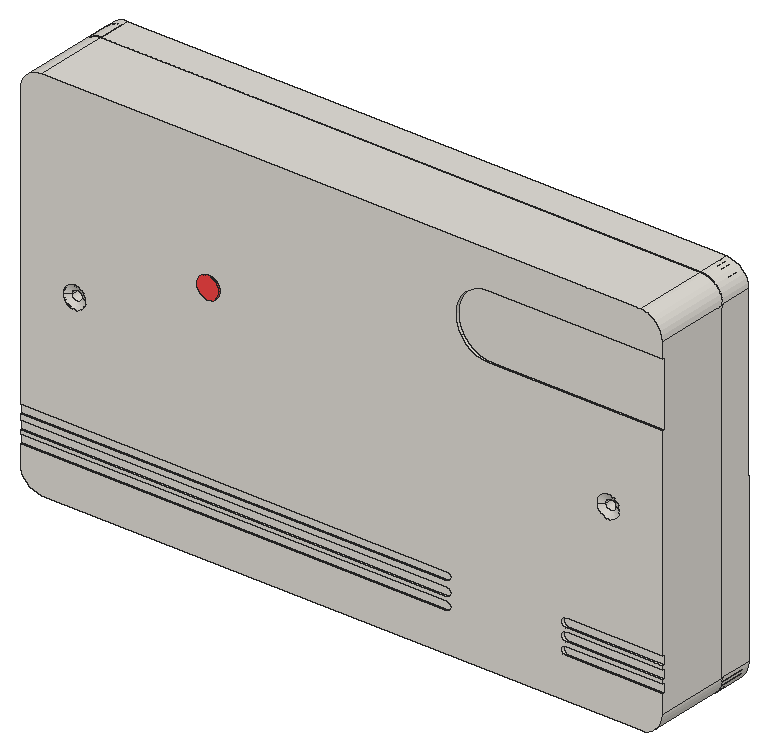
Revit family "TYCO-FPP-Zettler-CIM800 contact input monitor module", category Electrical Fixtures, Revit 2014
Parameters (values of type "TYCO-FPP-Zettler-CIM800 contact input monitor module")
  Wire Size (maximum) = "2.5sq. mm"
  Width = 84 mm  # constant formula
  URL = "https://www.tycosafetyproducts-anz.com/public/Datasheet/CIM800dat1505.pdf"
  Type Comments = "MX Addressable Module"
  Storage Temperature = "–40°C to +80°C"
  Relative Humidity = "10% to 95%"
  Rear Cover = yes
  Quiescent Current = "275μA"
  PCB = PCB
  Model = "Zettler-555.800.002"
  Max. CIM800 per Loop2 = "200/250"
  Manufacturer = "Tyco"
  Loop Voltage = "20V to 40Vdc"
  Length = 61 mm  # constant formula
  Front Cover = yes
  EOL Resistor = "200 Ohm"
  Description = "The CIM800 Addressable Contact Input Module supervises two\r\ncircuits of voltage-free contacts such as outputs from extinguishing\r\nsystems, ventilation controls, fire door controls, sprinkler flow\r\nswitches, non indicating detectors, etc."
  Circuit Resistance = "10 Ohm"
  Ambient Temperature = "–25°C to +70°C\r\n–25°C to +70°C"
  Alarm State Current = "2.8mA"
  Alarm Resistance (s/c fault) = "100 Ohm"
Reference planes
  plane 1 "Center (Front/Back)": y = 0
  plane 2: z = 0
  plane 3 "Center (Left/Right)": x = 0
  plane 4: z = -30.5
  plane 5: z = 30.5
  plane 6: x = -42
  plane 7: x = 42
Forms (mm)
  Extrusion 1, solid, material "PCB" <- "PCB", detail levels fine
    sketch origin (0, 0, 0) x (1, 0, 0) y (0, 0, 1)
      loop
        line (-42, 30.5) -> (-42, -30.5) -> (42, -30.5) -> (42, 30.5) -> (-42, 30.5)
      loop
        circle (25.103, 14.32) r 3
      loop
        circle (26.184, -16.946) r 3
      loop
        circle (-27.276, 13.906) r 3
      loop
        circle (-26.184, -16.946) r 3
      loop
        circle (39.018, 27.625) r 1.135
      loop
        circle (39.018, -27.625) r 1.135
      loop
        circle (-39.018, 27.625) r 1.135
      loop
        circle (-39.018, -27.625) r 1.135
    from 0 to -0.518
  Extrusion 2, solid, material "SWT", detail levels fine
    sketch origin (-42, -4572, 71.14) x (0, 0, 1) y (0, -1, 0)
      loop
        line (-41.105, -4572) -> (-41.105, -4568.641) -> (-43.199, -4565.651) -> (-48.199, -4565.651) -> (-51.734, -4569.187) -> (-51.734, -4572) -> (-41.105, -4572)
    from 9.78 to 30.742
  Extrusion 3, solid, material "ST"
    sketch origin (-42, -2.813, 19.406) x (0, -0.707107, 0.707107) y (-1, 0, 0)
      loop
        line (4.36, -10.388) -> (0.904, -10.388) -> (0.904, -14.436) -> (4.36, -14.436) -> (4.36, -10.388)
      loop
        line (4.36, -15.388) -> (0.904, -15.388) -> (0.904, -19.436) -> (4.36, -19.436) -> (4.36, -15.388)
      loop
        line (4.36, -20.388) -> (0.904, -20.388) -> (0.904, -24.436) -> (4.36, -24.436) -> (4.36, -20.388)
      loop
        line (4.36, -25.388) -> (0.904, -25.388) -> (0.904, -29.436) -> (4.36, -29.436) -> (4.36, -25.388)
    from -1.989 to 1.281
  Extrusion 4, solid, material "ST"
    sketch origin (-42, -6.349, 27.942) x (0, 0.819152, 0.573576) y (-1, 0, 0)
      loop
        circle (1.836, -27.318) r 1.507
      loop
        circle (1.836, -22.318) r 1.507
      loop
        circle (1.836, -17.576) r 1.507
      loop
        circle (1.836, -12.576) r 1.507
    from -0.83 to 0.562
  Extrusion 5, solid, material "SWT", detail levels fine
    sketch origin (42, -4572, 71.14) x (0, 0, 1) y (0, 1, 0)
      loop
        line (-41.105, 4572) -> (-51.734, 4572) -> (-51.734, 4569.187) -> (-48.199, 4565.651) -> (-43.199, 4565.651) -> (-41.105, 4568.641) -> (-41.105, 4572)
    from 9.78 to 30.742
  Extrusion 6, solid, material "ST"
    sketch origin (42, -2.813, 19.406) x (0, -0.707107, 0.707107) y (-1, 0, 0)
      loop
        line (4.36, 10.388) -> (4.36, 14.436) -> (0.904, 14.436) -> (0.904, 10.388) -> (4.36, 10.388)
      loop
        line (4.36, 15.388) -> (4.36, 19.436) -> (0.904, 19.436) -> (0.904, 15.388) -> (4.36, 15.388)
      loop
        line (4.36, 20.388) -> (4.36, 24.436) -> (0.904, 24.436) -> (0.904, 20.388) -> (4.36, 20.388)
      loop
        line (4.36, 25.388) -> (4.36, 29.436) -> (0.904, 29.436) -> (0.904, 25.388) -> (4.36, 25.388)
    from -1.989 to 1.281
  Extrusion 7, solid, material "ST"
    sketch origin (42, -6.349, 27.942) x (0, 0.819152, 0.573576) y (-1, 0, 0)
      loop
        circle (1.836, 27.318) r 1.507
      loop
        circle (1.836, 22.318) r 1.507
      loop
        circle (1.836, 17.576) r 1.507
      loop
        circle (1.836, 12.576) r 1.507
    from -0.83 to 0.562
  Extrusion 8, solid, material "CON", detail levels fine
    sketch origin (0, 0, 0) x (1, 0, 0) y (0, 0, 1)
      loop
        circle (-2.554, -22.996) r 2.25
    from 0 to 4.715
Lines and regions (mm)
  model lines
    curve 1: line (-12.077, 0, 17.768) -> (-10.618, 0, 16.308)
    curve 2: line (-10.618, 0, 16.308) -> (13.577, 0, 16.308)
    curve 3: line (13.577, 0, 16.308) -> (17.318, 0, 14.148)
    curve 4: line (-11.512, 0, 18.334) -> (-10.287, 0, 17.108)
    curve 5: line (-10.287, 0, 17.108) -> (13.791, 0, 17.108)
    curve 6: line (13.791, 0, 17.108) -> (17.716, 0, 14.842)
    curve 7: circle (-12.284, 0, 18.368) r 0.899 normal (0, -1, 0)
    curve 8: circle (18.341, 0, 14.023) r 1.031 normal (0, -1, 0)
    curve 9: line (-18.507, 0, 12.301) -> (-3.798, 0, 12.301)
    curve 10: line (-18.569, 0, 13.101) -> (-3.855, 0, 13.101)
    curve 11: arc (-18.569, 0, 13.101) -> (-20.305, 0, 12.562) -> (-18.507, 0, 12.301) r 0.932
    curve 12: circle (-3.003, 0, 12.759) r 0.917 normal (0, -1, 0)
    curve 13: line (-30.887, 0, 9.958) -> (-37.401, 0, 9.958)
    curve 14: line (-37.401, 0, 9.958) -> (-39.548, 0, 7.811)
    curve 15: line (-39.548, 0, 7.811) -> (-39.548, 0, -19.407)
    curve 16: line (-38.748, 0, 7.48) -> (-38.748, 0, -19.407)
    curve 17: line (-37.07, 0, 9.158) -> (-38.748, 0, 7.48)
    curve 18: line (-30.963, 0, 9.158) -> (-37.07, 0, 9.158)
    curve 19: circle (-29.96, 0, 9.616) r 1.103 normal (0, -1, 0)
    curve 20: circle (-39.246, 0, -20.183) r 1.05 normal (0, -1, 0)
    curve 21: line (-22.909, 0, 4.903) -> (-22.909, 0, -2.64)
    curve 22: line (-22.909, 0, -2.64) -> (-20.029, 0, -5.52)
    curve 23: line (-20.029, 0, -5.52) -> (-13.923, 0, -5.52)
    curve 24: line (-13.923, 0, -5.52) -> (-13.923, 0, -22.089)
    curve 25: line (-22.109, 0, 4.869) -> (-22.109, 0, -2.309)
    curve 26: line (-22.109, 0, -2.309) -> (-19.698, 0, -4.72)
    curve 27: line (-19.698, 0, -4.72) -> (-13.123, 0, -4.72)
    curve 28: line (-13.123, 0, -4.72) -> (-13.123, 0, -22.107)
    curve 29: circle (-22.47, 0, 5.793) r 0.993 normal (0, -1, 0)
    curve 30: circle (-13.545, 0, -23.107) r 1.086 normal (0, -1, 0)
    curve 31: line (-18.334, 0, 2.673) -> (-15.661, 0, 0)
    curve 32: line (-15.661, 0, 0) -> (-7.298, 0, 0)
    curve 33: line (-7.298, 0, 0) -> (-3.763, 0, -3.536)
    curve 34: line (-3.763, 0, -3.536) -> (27.445, 0, -3.536)
    curve 35: line (-17.726, 0, 3.196) -> (-15.33, 0, 0.8)
    curve 36: line (-15.33, 0, 0.8) -> (-6.967, 0, 0.8)
    curve 37: line (-6.967, 0, 0.8) -> (-3.431, 0, -2.736)
    curve 38: line (-3.431, 0, -2.736) -> (27.394, 0, -2.736)
    curve 39: circle (-18.679, 0, 3.69) r 1.074 normal (0, -1, 0)
    curve 40: circle (28.353, 0, -3.077) r 1.018 normal (0, -1, 0)
    curve 41: line (12.616, 0, 2.966) -> (27.553, 0, 2.966)
    curve 42: line (27.553, 0, 2.966) -> (33.741, 0, 9.153)
    curve 43: line (12.553, 0, 3.766) -> (27.222, 0, 3.766)
    curve 44: line (27.222, 0, 3.766) -> (33.158, 0, 9.701)
    curve 45: circle (11.841, 0, 3.308) r 0.847 normal (0, -1, 0)
    curve 46: circle (34.058, 0, 10.075) r 0.975 normal (0, -1, 0)
    curve 47: line (5.637, 0, 12.301) -> (12.22, 0, 8.5)
    curve 48: line (12.22, 0, 8.5) -> (27.101, 0, 8.5)
    curve 49: line (6.037, 0, 12.994) -> (12.434, 0, 9.3)
    curve 50: line (12.434, 0, 9.3) -> (27.156, 0, 9.3)
    curve 51: circle (5.352, 0, 13.101) r 0.938 normal (0, -1, 0)
    curve 52: circle (28.224, 0, 8.953) r 1.123 normal (0, -1, 0)
  model lines, detail levels coarse+medium
    curve 53: line (-42, 0.518, 30.5) -> (42, 0.518, 30.5)
    curve 54: line (-42, 0.518, -30.5) -> (-42, 0.518, 30.5)
    curve 55: line (42, 0.518, -30.5) -> (-42, 0.518, -30.5)
    curve 56: line (42, 0.518, 30.5) -> (42, 0.518, -30.5)
Dimensions and locks
  equal spacing: plane 5, plane 2, plane 4
  "Length": plane 5 to plane 4
  equal spacing: plane 7, plane 3 "Center (Left/Right)", plane 6
  "Width": plane 7 to plane 6
  aligned and locked: level to plane 2
  aligned and locked: plane 5 to Extrusion 1 sketch curve
  aligned and locked: plane 6 to Extrusion 1 sketch curve
  aligned and locked: plane 4 to Extrusion 1 sketch curve
  aligned and locked: plane 7 to Extrusion 1 sketch curve
  aligned and locked: plane 5 to curve 53
  aligned and locked: plane 4 to curve 55
  aligned and locked: plane 7 to curve 56
  aligned and locked: plane 6 to curve 54
  aligned and locked: Extrusion 8 to Extrusion 1
  aligned and locked: plane 1 "Center (Front/Back)" to nested 1
  aligned and locked: plane 3 "Center (Left/Right)" to nested 1
  aligned and locked: plane 2 to nested 1
  aligned and locked: plane 3 "Center (Left/Right)" to nested 2
  aligned and locked: plane 2 to nested 2
  aligned and locked: nested 2 to Extrusion 1
Automatic sketch dimensions
  plane 6 to Extrusion 1 sketch curve = 2.982 mm  (x2)
  plane 6 to Extrusion 1 sketch curve = 14.724 mm
  plane 6 to Extrusion 1 sketch curve = 15.816 mm
  plane 7 to Extrusion 1 sketch curve = 16.897 mm
  plane 7 to Extrusion 1 sketch curve = 15.816 mm
  plane 7 to Extrusion 1 sketch curve = 2.982 mm  (x2)
  plane 4 to Extrusion 1 sketch curve = 2.875 mm  (x2)
  plane 4 to Extrusion 1 sketch curve = 13.554 mm  (x2)
  level to Extrusion 1 sketch curve = 13.906 mm
  level to Extrusion 1 sketch curve = 14.32 mm
  plane 5 to Extrusion 1 sketch curve = 2.875 mm  (x2)
  Extrusion 2 sketch curve to plane 1 "Center (Front/Back)" = 0 mm
  plane 5 to Extrusion 2 sketch curve = 11.094 mm
  Extrusion 2 sketch curve to Extrusion 2 sketch curve = 3.536 mm
  plane 5 to Extrusion 2 sketch curve = 2.558 mm
  plane 5 to Extrusion 2 sketch curve = 0.465 mm
  Extrusion 2 sketch curve to Extrusion 2 sketch curve = 2.813 mm
  plane 1 "Center (Front/Back)" to Extrusion 2 sketch curve = 3.359 mm
  Extrusion 2 sketch curve to Extrusion 2 sketch curve = 2.99 mm
  Extrusion 3 sketch curve to Extrusion 2 = 0.904 mm  (x4)
  Extrusion 2 to Extrusion 3 sketch curve = 0.64 mm  (x4)
  Extrusion 2 to Extrusion 3 sketch curve = 1.306 mm
  Extrusion 3 sketch curve to Extrusion 3 sketch curve = 4.048 mm  (x3)
  Extrusion 3 sketch curve to Extrusion 3 sketch curve = 0.952 mm  (x3)
  Extrusion 2 to Extrusion 3 sketch curve = 0.608 mm
  Extrusion 2 to Extrusion 4 sketch curve = 1.814 mm  (x4)
  Extrusion 2 to Extrusion 4 sketch curve = 3.424 mm
  Extrusion 4 sketch curve to Extrusion 4 sketch curve = 5 mm
  Extrusion 4 sketch curve to Extrusion 4 sketch curve = 4.742 mm
  Extrusion 2 to Extrusion 4 sketch curve = 2.795 mm
  Extrusion 5 sketch curve to plane 1 "Center (Front/Back)" = 0 mm
  plane 5 to Extrusion 5 sketch curve = 11.094 mm
  Extrusion 5 sketch curve to Extrusion 5 sketch curve = 3.536 mm  (x2)
  plane 5 to Extrusion 5 sketch curve = 2.558 mm
  plane 5 to Extrusion 5 sketch curve = 0.465 mm
  Extrusion 5 sketch curve to Extrusion 5 sketch curve = 2.813 mm
  plane 1 "Center (Front/Back)" to Extrusion 5 sketch curve = 3.359 mm
  Extrusion 6 sketch curve to Extrusion 5 = 0.904 mm  (x4)
  Extrusion 5 to Extrusion 6 sketch curve = 0.64 mm  (x4)
  Extrusion 5 to Extrusion 6 sketch curve = 0.608 mm
  Extrusion 6 sketch curve to Extrusion 6 sketch curve = 4.048 mm  (x3)
  Extrusion 6 sketch curve to Extrusion 6 sketch curve = 0.952 mm  (x3)
  Extrusion 5 to Extrusion 6 sketch curve = 1.306 mm
  Extrusion 5 to Extrusion 7 sketch curve = 1.814 mm  (x4)
  Extrusion 5 to Extrusion 7 sketch curve = 2.795 mm
  Extrusion 7 sketch curve to Extrusion 7 sketch curve = 5 mm
  Extrusion 7 sketch curve to Extrusion 7 sketch curve = 4.742 mm
  Extrusion 5 to Extrusion 7 sketch curve = 3.424 mm
  curve 14 to Extrusion 1 = 2.452 mm
  curve 15 to curve 20 = 0.302 mm
  curve 14 to curve 16 = 0.8 mm
  curve 16 to curve 14 = 1.346 mm
  curve 13 to curve 17 = 0.331 mm
  curve 17 to curve 19 = 7.11 mm
  curve 19 to curve 21 = 7.051 mm
  curve 21 to curve 29 = 0.439 mm
  curve 21 to curve 26 = 0.8 mm
  curve 25 to curve 23 = 2.08 mm
  curve 22 to curve 26 = 0.331 mm
  curve 29 to curve 11 = 3.094 mm
  curve 25 to curve 39 = 3.43 mm
  curve 11 to curve 10 = 0.807 mm
  curve 11 to curve 9 = 0.063 mm
  curve 39 to curve 31 = 3.018 mm
  curve 31 to curve 35 = 0.331 mm
  curve 31 to curve 24 = 1.739 mm
  curve 24 to curve 30 = 0.378 mm
  curve 23 to curve 28 = 0.8 mm
  curve 10 to curve 7 = 6.286 mm
  curve 1 to Extrusion 1 = 14.192 mm
  curve 7 to curve 1 = 1.666 mm
  curve 4 to Extrusion 1 = 13.392 mm
  curve 1 to curve 4 = 0.331 mm
  curve 27 to curve 33 = 5.824 mm
  curve 32 to curve 37 = 0.331 mm
  curve 32 to curve 34 = 3.536 mm
  curve 33 to curve 37 = 0.331 mm
  curve 1 to curve 12 = 7.615 mm
  curve 12 to curve 51 = 8.355 mm
  curve 51 to curve 45 = 6.49 mm
  curve 45 to curve 48 = 0.379 mm
  curve 47 to curve 49 = 0.214 mm
  curve 49 to curve 2 = 1.143 mm
  curve 2 to curve 5 = 0.214 mm
  curve 2 to curve 8 = 4.764 mm
  curve 8 to curve 43 = 8.881 mm
  curve 43 to curve 41 = 0.331 mm
  curve 43 to curve 52 = 1.002 mm
  curve 41 to curve 40 = 0.8 mm
  curve 52 to curve 46 = 5.834 mm
  curve 8 to curve 2 = 2.286 mm
  curve 10 to curve 1 = 3.208 mm
  curve 51 to curve 2 = 3.208 mm
  curve 12 to curve 10 = 0.341 mm
  curve 11 to curve 11 = 0.466 mm
  curve 46 to curve 8 = 3.948 mm
  curve 14 to curve 11 = 2.677 mm
  curve 19 to curve 13 = 0.342 mm
  curve 50 to curve 2 = 7.008 mm
  curve 18 to curve 13 = 0.8 mm
  curve 52 to curve 50 = 0.347 mm
  curve 48 to curve 49 = 0.8 mm
  curve 15 to curve 17 = 1.346 mm
  curve 16 to curve 14 = 0.331 mm
  curve 29 to curve 11 = 6.842 mm
  curve 43 to curve 48 = 4.734 mm
  curve 39 to curve 29 = 2.103 mm
  curve 45 to curve 43 = 0.458 mm
  curve 41 to curve 43 = 0.8 mm
  curve 36 to curve 9 = 11.501 mm
  curve 32 to curve 36 = 0.8 mm
  curve 25 to curve 31 = 2.309 mm
  curve 21 to curve 25 = 0.331 mm
  curve 38 to curve 32 = 2.736 mm
  curve 40 to curve 38 = 0.341 mm
  curve 33 to curve 37 = 0.8 mm
  curve 26 to curve 25 = 2.412 mm
  curve 23 to curve 27 = 0.8 mm
  curve 20 to Extrusion 1 = 10.317 mm
  curve 30 to Extrusion 1 = 7.393 mm
  curve 4 to curve 7 = 1.259 mm
  curve 18 to curve 19 = 1.003 mm
  curve 18 to curve 13 = 0.076 mm
  curve 39 to curve 31 = 0.345 mm
  curve 31 to curve 35 = 0.608 mm
  curve 1 to Extrusion 1 = 12.732 mm
  curve 7 to curve 1 = 0.207 mm
  curve 4 to Extrusion 1 = 12.166 mm
  curve 7 to curve 4 = 0.772 mm
  curve 10 to curve 12 = 0.851 mm
  curve 51 to curve 47 = 0.285 mm
  curve 49 to Extrusion 1 = 17.506 mm
  curve 51 to curve 49 = 0.685 mm
  curve 45 to curve 43 = 0.712 mm
  curve 3 to curve 8 = 1.023 mm
  curve 6 to Extrusion 1 = 15.658 mm
  curve 3 to curve 6 = 0.398 mm
  curve 48 to curve 50 = 0.055 mm
  curve 38 to curve 40 = 0.959 mm
  curve 44 to curve 46 = 0.9 mm
  curve 44 to curve 42 = 0.583 mm
  curve 47 to curve 49 = 0.693 mm
  curve 44 to curve 46 = 0.374 mm
  curve 21 to curve 29 = 0.89 mm
  curve 35 to curve 39 = 0.494 mm
  curve 20 to curve 15 = 0.775 mm
  curve 16 to curve 15 = 0 mm
  curve 30 to curve 24 = 1.018 mm
  Extrusion 8 sketch curve to Extrusion 1 = 7.504 mm
  Extrusion 8 sketch curve to Extrusion 1 = 39.446 mm
  radius of Extrusion 1 sketch curve = 3 mm  (x4)
  radius of Extrusion 1 sketch curve = 1.135 mm  (x4)
  radius of Extrusion 4 sketch curve = 1.507 mm  (x4)
  radius of Extrusion 7 sketch curve = 1.507 mm  (x4)
  radius of curve 7 = 0.899 mm
  radius of curve 20 = 1.05 mm
  radius of curve 51 = 0.938 mm
  radius of curve 52 = 1.123 mm
  radius of Extrusion 8 sketch curve = 2.25 mm
Nested families
  nested 1: "517.035.007" at (0, 0, 0), visible <- "Front Cover", type "517.035.007 cover", detail levels fine
    with Front Cover yes
  nested 2: "517.035.010 rear cover" at (0, -5.847, -7.5), visible <- "Rear Cover", type "517.035.010 back box", detail levels fine
    with Rear cover yes
Connectors
  electrical at (0, 0.518, 0)
    settings: on Extrusion 1, index 1, voltage 24 V, apparent load 0 VA, apparent load phase1 0 VA, apparent load phase2 0 VA, apparent load phase3 0 VA, power factor 1, load classification "Other", number of poles 1, system type 31, power factor state 1, is connector primary yes, connector utility no, sub classification motor no, connector description ""
Definition of nested family "517.035.007"
  Parameters (values of type "517.035.007 cover")
    X = 2 mm
    W = 148 mm
    Type Comments = "M520 Ancillary cover for use with 800 series modules.\r\nWill fit onto a MK style double gang back box."
    Model = "517.035.007"
    Material = Cover
    Manufacturer = "Tyco"
    L = 87 mm
    Front Cover [instance] = yes
    Description = "M520 Ancillary Cover"
    D = 23 mm
  Reference planes
    plane 1 "Center (Front/Back)": y = 0
    plane 2: z = 0
    plane 3 "Center (Left/Right)": x = 0
    plane 4: x = -74
    plane 5: x = 74
    plane 6: x = 61.5
    plane 7: z = 43.5
    plane 8: z = -43.5
    plane 9: y = -23
  Forms (mm)
    Extrusion 1, solid, material "Cover" <- "Material", visible <- "Front Cover", detail levels fine
      sketch origin (0, -23.027, 0) x (1, 0, 0) y (0, 0, 1)
        loop
          arc (-69, 43.5) -> (-72.536, 42.036) -> (-74, 38.5) r 5
          line (-74, 38.5) -> (-74, -38.5)
          arc (-74, -38.5) -> (-72.536, -42.036) -> (-69, -43.5) r 5
          line (-69, -43.5) -> (69, -43.5)
          arc (69, -43.5) -> (72.536, -42.036) -> (74, -38.5) r 5
          line (74, -38.5) -> (74, 38.5)
          arc (74, 38.5) -> (72.536, 42.036) -> (69, 43.5) r 5
          line (69, 43.5) -> (-69, 43.5)
      from -23 to 0
    Extrusion 2, void
      sketch origin (0, -23.027, 0) x (-1, 0, 0) y (0, 0, 1)
        loop
          line (74, -26.396) -> (-24.324, -26.396)
          arc (-24.324, -26.396) -> (-25.324, -27.396) -> (-24.324, -28.396) r 1
          line (-24.324, -28.396) -> (74, -28.396) -> (74, -26.396)
        loop
          line (74, -29.671) -> (-24.324, -29.671)
          arc (-24.324, -29.671) -> (-25.324, -30.671) -> (-24.324, -31.671) r 1
          line (-24.324, -31.671) -> (74, -31.671) -> (74, -29.671)
        loop
          line (74, -32.583) -> (-24.324, -32.583)
          arc (-24.324, -32.583) -> (-25.324, -33.583) -> (-24.324, -34.583) r 1
          line (-24.324, -34.583) -> (74, -34.583) -> (74, -32.583)
        loop
          line (-51.834, -26.396) -> (-74, -26.396) -> (-74, -28.396) -> (-51.834, -28.396)
          arc (-51.834, -28.396) -> (-50.834, -27.396) -> (-51.834, -26.396) r 1
        loop
          line (-51.834, -29.305) -> (-74, -29.305) -> (-74, -31.305) -> (-51.834, -31.305)
          arc (-51.834, -31.305) -> (-50.834, -30.305) -> (-51.834, -29.305) r 1
        loop
          line (-51.834, -32.254) -> (-74, -32.254) -> (-74, -34.254) -> (-51.834, -34.254)
          arc (-51.834, -34.254) -> (-50.834, -33.254) -> (-51.834, -32.254) r 1
        loop
          line (-74, 34.995) -> (-74, 19.995) -> (-34, 19.995)
          arc (-34, 19.995) -> (-26.5, 27.495) -> (-34, 34.995) r 7.5
          line (-34, 34.995) -> (-74, 34.995)
      from 0 to 0.563
    Revolve 3, void
      sketch origin (0, -23.027, 0) x (0, -1, 0) y (1, 0, 0)
        loop
          line (-3.575, 61.5) -> (0, 61.5) -> (0, 64.045) -> (-0.836, 62.678) -> (-3.575, 62.678) -> (-3.575, 61.5)
        axis (-3.575, 61.5) -> (0, 61.5)
      angle from 0 to 360
    Extrusion 4, solid, material "LED RED", detail levels fine
      sketch origin (0, -23.027, 0) x (1, 0, 0) y (0, 0, 1)
        loop
          circle (-30.624, 12.978) r 2.558
      from -1.293 to 0.174
    Extrusion 5, void
      sketch origin (-94.576, -0.027, -4572) x (1, 0, 0) y (0, 0, -1)
        loop
          line (26.703, -4612.567) -> (162.316, -4612.567)
          arc (162.316, -4612.567) -> (164.664, -4611.594) -> (165.637, -4609.246) r 3.321
          line (165.637, -4609.246) -> (165.637, -4534.612)
          arc (165.637, -4534.612) -> (164.589, -4532.082) -> (162.058, -4531.033) r 3.578
          line (162.058, -4531.033) -> (27.05, -4531.033)
          arc (27.05, -4531.033) -> (24.499, -4532.09) -> (23.442, -4534.641) r 3.608
          line (23.442, -4534.641) -> (23.442, -4609.306)
          arc (23.442, -4609.306) -> (24.397, -4611.612) -> (26.703, -4612.567) r 3.261
      from 0 to -19.425
    Revolve 6, void
      sketch origin (0, -23.027, 0) x (0, 1, 0) y (-1, 0, 0)
        loop
          line (3.575, 61.5) -> (3.575, 62.678) -> (0.836, 62.678) -> (0, 64.045) -> (0, 61.5) -> (3.575, 61.5)
        axis (3.575, 61.5) -> (0, 61.5)
      angle from 0 to 360
  Cuts and joins
    Extrusion 2, Revolve 3, Extrusion 5, Revolve 6 cuts Extrusion 1
  Dimensions and locks
    equal spacing: plane 4, plane 3 "Center (Left/Right)", plane 5
    "W": plane 4 to plane 5
    locked: plane 5 to plane 6 at 12.5
    equal spacing: plane 7, level, plane 8
    "L": plane 7 to plane 8
    "D": plane 9 to plane 1 "Center (Front/Back)"
    aligned and locked: plane 2 to level
    aligned and locked: Extrusion 1 to Extrusion 5
    aligned and locked: Extrusion 1 sketch curve to plane 7
    aligned and locked: plane 4 to Extrusion 1 sketch curve
    aligned and locked: Extrusion 1 sketch curve to plane 8
    aligned and locked: Extrusion 1 to Extrusion 2
  Automatic sketch dimensions
    plane 5 to Extrusion 1 sketch curve = 0 mm
    plane 4 to Extrusion 1 sketch curve = 5 mm  (x2)
    plane 5 to Extrusion 1 sketch curve = 5 mm
    Extrusion 1 sketch curve to Extrusion 1 sketch curve = 5 mm
    plane 5 to Extrusion 2 sketch curve = 0 mm  (x4)
    Extrusion 2 sketch curve to plane 4 = 0 mm  (x3)
    Extrusion 2 sketch curve to plane 6 = 9.666 mm
    Extrusion 2 sketch curve to Extrusion 2 sketch curve = 0 mm  (x4)
    Extrusion 2 sketch curve to plane 6 = 27.5 mm
    Extrusion 2 sketch curve to plane 8 = 9.917 mm
    plane 3 "Center (Left/Right)" to Extrusion 2 sketch curve = 24.324 mm
    Extrusion 2 sketch curve to plane 8 = 9.246 mm
    Extrusion 2 sketch curve to plane 8 = 8.917 mm
    Extrusion 2 sketch curve to Extrusion 2 sketch curve = 1 mm  (x5)
    Extrusion 2 sketch curve to Extrusion 2 sketch curve = 0.912 mm
    Extrusion 2 sketch curve to Extrusion 2 sketch curve = 0.95 mm
    Extrusion 2 sketch curve to Extrusion 2 sketch curve = 0.908 mm
    Extrusion 2 sketch curve to Extrusion 2 sketch curve = 1.275 mm
    level to Extrusion 2 sketch curve = 19.995 mm
    Extrusion 2 sketch curve to Extrusion 2 sketch curve = 7.5 mm
    Revolve 3 sketch curve to plane 6 = 0 mm  (x2)
    plane 1 "Center (Front/Back)" to Revolve 3 sketch curve = 19.452 mm
    plane 6 to Revolve 3 sketch curve = 1.178 mm
    Revolve 3 sketch curve to Revolve 3 sketch curve = 2.739 mm
    plane 6 to Revolve 3 sketch curve = 2.545 mm
    Revolve 3 sketch curve to Revolve 3 sketch curve = 0.836 mm
    Revolve 3 sketch curve to Revolve 3 sketch curve = 0.558 mm
    Revolve 3 sketch curve to Revolve 3 sketch curve = 1.62 mm
    Extrusion 4 sketch curve to Extrusion 1 = 43.376 mm
    Extrusion 4 sketch curve to Extrusion 1 = 30.522 mm
    plane 4 to Extrusion 5 sketch curve = 2.867 mm
    Extrusion 5 sketch curve to plane 7 = 2.933 mm
    Extrusion 5 sketch curve to Extrusion 5 sketch curve = 3.261 mm
    Extrusion 5 sketch curve to plane 8 = 2.533 mm
    Extrusion 5 sketch curve to Extrusion 5 sketch curve = 3.608 mm
    plane 6 to Extrusion 5 sketch curve = 5.983 mm
    plane 6 to Extrusion 5 sketch curve = 6.24 mm
    plane 5 to Extrusion 5 sketch curve = 2.939 mm
    plane 1 "Center (Front/Back)" to Revolve 6 sketch curve = 23.027 mm
    Revolve 6 sketch curve to Revolve 6 sketch curve = 0.836 mm
    Revolve 6 sketch curve to Revolve 6 sketch curve = 2.739 mm
    plane 4 to Revolve 6 sketch curve = 12.5 mm
    Revolve 6 sketch curve to Revolve 6 sketch curve = 1.178 mm
    Revolve 6 sketch curve to Revolve 6 sketch curve = 1.367 mm
    Revolve 6 sketch curve to Revolve 6 sketch curve = 1.62 mm
    Revolve 6 sketch curve to Revolve 6 sketch curve = 0.558 mm
    Revolve 6 sketch curve to Revolve 6 sketch curve = 0 mm
    radius of Extrusion 4 sketch curve = 2.558 mm
Definition of nested family "517.035.010 rear cover"
  Parameters (values of type "517.035.010 back box")
    W = 148 mm
    URL = "http://tfppemea.com/en/_layouts/fsassets/Docs/Detection_FireClass/UK%20FireClass%20CATALOGUE%20(LR).pdf"
    Type Comments = "K2142 White plastic surface mount MK backbox for use\r\nwith 800 Series addressable ancillaries using 517.035.007\r\ncover."
    Rear cover [instance] = yes
    Model = "517.035.010\r\n517.035.010"
    Manufacturer = "Tyco"
    L = 87 mm
    Finish = rear cover
    Description = "K2142 White Plastic Surface Mount MK\r\nbackbox"
  Reference planes
    plane 1 "Center (Front/Back)": y = 0
    plane 2: z = 0
    plane 3 "Center (Left/Right)": x = 0
    plane 4: x = -74
    plane 5: x = 74
    plane 6: z = 7.5
  Forms (mm)
    Extrusion 1, solid, material "rear cover" <- "Finish", visible <- "Rear cover", detail levels fine
      sketch origin (0, 7.5, 7.5) x (1, 0, 0) y (0, 0, 1)
        loop
          arc (-69, 43.5) -> (-72.536, 42.036) -> (-74, 38.5) r 5
          line (-74, 38.5) -> (-74, -38.5)
          arc (-74, -38.5) -> (-72.536, -42.036) -> (-69, -43.5) r 5
          line (-69, -43.5) -> (69, -43.5)
          arc (69, -43.5) -> (72.536, -42.036) -> (74, -38.5) r 5
          line (74, -38.5) -> (74, 38.5)
          arc (74, 38.5) -> (72.536, 42.036) -> (69, 43.5) r 5
          line (69, 43.5) -> (-69, 43.5)
      from 0 to 7.5
    Extrusion 2, void
      sketch origin (0, 0, 0) x (-1, 0, 0) y (0, 0, 1)
        loop
          line (71.151, 48.985) -> (-71.802, 48.985) -> (-71.802, -33.613) -> (71.151, -33.613) -> (71.151, 48.985)
        loop
          circle (-61, 7.5) r 1.229
        loop
          circle (-61, 7.5) r 2.2
        loop
          circle (61, 7.5) r 1.229
        loop
          circle (61, 7.5) r 2.2
      from 0 to 6.364
  Cuts and joins
    Extrusion 2 cuts Extrusion 1
  Dimensions and locks
    equal spacing: plane 4, plane 3 "Center (Left/Right)", plane 5
    "W": plane 4 to plane 5
    plane 6 to plane 2 = 7.5 mm
    aligned and locked: plane 2 to level
    aligned and locked: Extrusion 1 sketch curve to plane 4
    aligned and locked: Extrusion 1 sketch curve to plane 5
  Automatic sketch dimensions
    Extrusion 1 sketch curve to plane 4 = 5 mm
    Extrusion 1 sketch curve to Extrusion 1 sketch curve = 5 mm
    Extrusion 1 sketch curve to plane 5 = 5 mm  (x2)
    Extrusion 1 sketch curve to level = 36 mm
    plane 6 to Extrusion 1 sketch curve = 38.5 mm
    Extrusion 2 sketch curve to Extrusion 2 sketch curve = 0 mm  (x4)
    Extrusion 2 sketch curve to plane 6 = 0 mm  (x2)
    Extrusion 2 sketch curve to plane 5 = 2.198 mm
    Extrusion 2 sketch curve to plane 5 = 13 mm
    Extrusion 2 sketch curve to plane 4 = 13 mm
    Extrusion 2 sketch curve to plane 4 = 2.849 mm
    Extrusion 2 sketch curve to level = 33.613 mm
    plane 6 to Extrusion 2 sketch curve = 41.485 mm
    radius of Extrusion 2 sketch curve = 1.229 mm  (x2)
    radius of Extrusion 2 sketch curve = 2.2 mm  (x2)
